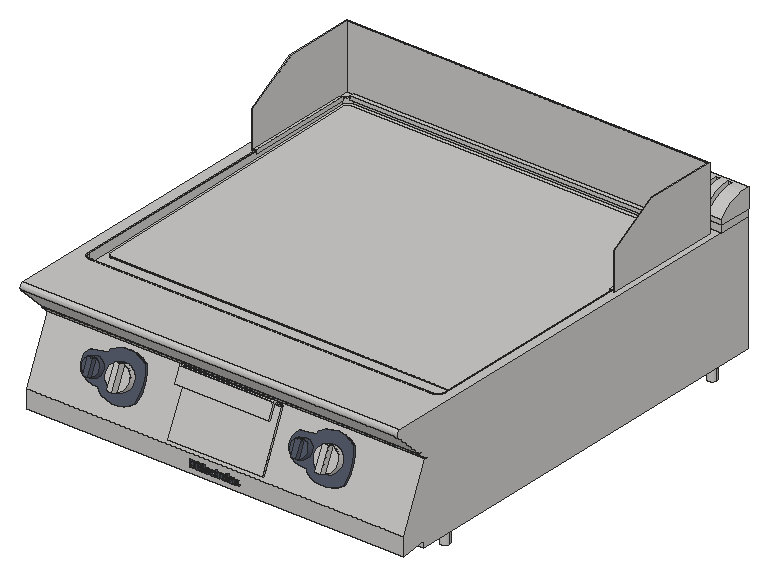
Revit family "QF_ELECTROLUXPROFESSIONAL_391054_E9FTGHCS00", category Specialty Equipment, Revit 2018
Family settings
  Round Connector Dimension = Use Diameter
  Part Type = Normal
  Work Plane-Based = No
  Always vertical = Yes
  Cut with Voids When Loaded = No
  Shared = No
  Room Calculation Point = No
Parameters
  Width = 800 mm
  Weight in Pounds = 105  # constant formula
  Watts = 0 W
  URL Cutsheet = "www.electrolux.com"
  URL = "www.electrolux.com"
  Type Mark [instance] = ""
  Status [instance] = ""
  Specification by User [instance] = ""
  Specification by Manufacturer = ""
  Show Logo [instance] = yes
  Show Clearance [instance] = yes
  Serial Number = ""
  Seismic Rating = ""
  SMACNA No = ""
  Revision Code [instance] = ""
  Omniclass Number and Title = ""
  NAFEM Spec ID Number = ""
  Model = "391054"
  Mechanical Remarks [instance] = ""
  Mechanical Connection Type [instance] = ""
  Masterspec = ""
  Manufacturer = "ELECTROLUX"
  Item Number [instance] = ""
  Installed By [instance] = ""
  Identify Quantity as Lot [instance] = yes
  HP = "0 HP"
  Gas Size = 12.7 mm  # 1/2"
  Gas RI Height [instance] = 0 mm
  Gas KW [instance] = 20  # constant formula
  Gas Input [instance] = 19981.6 VA  # 68180.0 Btu/h
  Gas Connection Height = 0 mm
  Furnished By [instance] = ""
  Foodservice Equipment Identifier [instance] = yes
  Direct Waste Size = 0"
  Description = "900XP FULL MODULE GAS FRY TOP, SMOOTH SLOPED PLATE, CHROMIUM PLATED"
  Depth = 930 mm
  CSI MasterFormat = ""
  CSI Master Format = ""
Reference planes
  plane 1 "BACK": y = 0
  plane 2: z = 0
  plane 3 "LEFT": x = 0
  plane 4 "RIGHT": x = 800
  plane 5 "FRONT": y = -930
  plane 6 "TOP": z = 275
  plane 7 "Center Y": x = 400
  plane 8 "Center X": y = -465
  plane 9: y = -1045
  plane 10: z = 24
  plane 11: z = 290
  plane 12: x = 748
  plane 13: z = 410
  plane 14: x = 11
  plane 15: x = 788.888
Forms (mm)
  Extrusion 1, solid, material "QF_Finishes_Stainless Steel"
    sketch origin (0, 0, 0) x (0, 1, 0) y (0, 0, 1)
      loop
        line (0, 275) -> (-922.686, 275)
        arc (-922.686, 275) -> (-929.443, 270.485) -> (-927.858, 262.514) r 7.314
        line (-927.858, 262.514) -> (-873.907, 208.563) -> (-865.773, 208.563) -> (-865.773, 206.447) -> (-871.79, 206.447) -> (-858.907, 193.563) -> (-850.773, 193.563) -> (-850.773, 191.447) -> (-856.79, 191.447) -> (-913.146, 69.003) -> (-913.146, 30.903) -> (-859.774, 36.513) -> (-859.774, 24) -> (0, 24) -> (0, 275)
    from 0 to 800
  Extrusion 2, solid, material "QF_Finishes_Stainless Steel"
    sketch origin (0, 0, 0) x (1, 0, 0) y (0, 1, 0)
      loop
        circle (11, -82) r 9.525
      loop
        circle (11, -790) r 9.525
      loop
        circle (789, -82) r 9.525
      loop
        circle (789, -790) r 9.525
    from 0 to 24
  Extrusion 3, solid, material "QF_Finishes_Stainless Steel"
    sketch origin (0, 0, 0.362) x (0, 1, 0) y (0, 0, 1)
      loop
        line (0, 289.638) -> (0, 331.738)
        arc (0, 331.738) -> (-38.857, 324.552) -> (-69.85, 300.038) r 82.056
        line (-69.85, 300.038) -> (-69.85, 289.638) -> (0, 289.638)
    from 0 to 400.05
  Extrusion 4, void
    sketch origin (0, 0, 275) x (0, -1, 0) y (1, 0, 0)
      loop
        line (6.761, 29.703) -> (63.911, 29.703) -> (63.911, 38.999) -> (6.761, 38.999) -> (6.761, 29.703)
      loop
        line (63.911, 64.487) -> (6.761, 64.487) -> (6.761, 55.191) -> (63.911, 55.191) -> (63.911, 64.487)
      loop
        line (63.911, 89.975) -> (6.761, 89.975) -> (6.761, 80.68) -> (63.911, 80.68) -> (63.911, 89.975)
      loop
        line (63.911, 115.464) -> (6.761, 115.464) -> (6.761, 106.168) -> (63.911, 106.168) -> (63.911, 115.464)
      loop
        line (63.911, 140.952) -> (6.761, 140.952) -> (6.761, 131.656) -> (63.911, 131.656) -> (63.911, 140.952)
      loop
        line (63.911, 166.44) -> (6.761, 166.44) -> (6.761, 157.145) -> (63.911, 157.145) -> (63.911, 166.44)
      loop
        line (63.911, 191.929) -> (6.761, 191.929) -> (6.761, 182.633) -> (63.911, 182.633) -> (63.911, 191.929)
      loop
        line (63.911, 217.417) -> (6.761, 217.417) -> (6.761, 208.121) -> (63.911, 208.121) -> (63.911, 217.417)
      loop
        line (63.911, 242.905) -> (6.761, 242.905) -> (6.761, 233.61) -> (63.911, 233.61) -> (63.911, 242.905)
      loop
        line (63.911, 268.394) -> (6.761, 268.394) -> (6.761, 259.098) -> (63.911, 259.098) -> (63.911, 268.394)
      loop
        line (63.911, 293.882) -> (6.761, 293.882) -> (6.761, 284.586) -> (63.911, 284.586) -> (63.911, 293.882)
      loop
        line (63.911, 319.37) -> (6.761, 319.37) -> (6.761, 310.075) -> (63.911, 310.075) -> (63.911, 319.37)
      loop
        line (63.911, 344.859) -> (6.761, 344.859) -> (6.761, 335.563) -> (63.911, 335.563) -> (63.911, 344.859)
      loop
        line (63.911, 370.347) -> (6.761, 370.347) -> (6.761, 361.051) -> (63.911, 361.051) -> (63.911, 370.347)
    from 25.4 to 63.5
  Extrusion 5, solid, material "QF_Finishes_Stainless Steel"
    sketch origin (400.05, 0, 0.362) x (0, 1, 0) y (0, 0, 1)
      loop
        line (0, 289.638) -> (0, 331.738)
        arc (0, 331.738) -> (-38.857, 324.552) -> (-69.85, 300.038) r 82.056
        line (-69.85, 300.038) -> (-69.85, 289.638) -> (0, 289.638)
    from 0 to 400.05
  Extrusion 6, void
    sketch origin (400.05, 0, 275) x (0, -1, 0) y (1, 0, 0)
      loop
        line (6.761, 29.703) -> (63.911, 29.703) -> (63.911, 38.999) -> (6.761, 38.999) -> (6.761, 29.703)
      loop
        line (63.911, 64.487) -> (6.761, 64.487) -> (6.761, 55.191) -> (63.911, 55.191) -> (63.911, 64.487)
      loop
        line (63.911, 89.975) -> (6.761, 89.975) -> (6.761, 80.68) -> (63.911, 80.68) -> (63.911, 89.975)
      loop
        line (63.911, 115.464) -> (6.761, 115.464) -> (6.761, 106.168) -> (63.911, 106.168) -> (63.911, 115.464)
      loop
        line (63.911, 140.952) -> (6.761, 140.952) -> (6.761, 131.656) -> (63.911, 131.656) -> (63.911, 140.952)
      loop
        line (63.911, 166.44) -> (6.761, 166.44) -> (6.761, 157.145) -> (63.911, 157.145) -> (63.911, 166.44)
      loop
        line (63.911, 191.929) -> (6.761, 191.929) -> (6.761, 182.633) -> (63.911, 182.633) -> (63.911, 191.929)
      loop
        line (63.911, 217.417) -> (6.761, 217.417) -> (6.761, 208.121) -> (63.911, 208.121) -> (63.911, 217.417)
      loop
        line (63.911, 242.905) -> (6.761, 242.905) -> (6.761, 233.61) -> (63.911, 233.61) -> (63.911, 242.905)
      loop
        line (63.911, 268.394) -> (6.761, 268.394) -> (6.761, 259.098) -> (63.911, 259.098) -> (63.911, 268.394)
      loop
        line (63.911, 293.882) -> (6.761, 293.882) -> (6.761, 284.586) -> (63.911, 284.586) -> (63.911, 293.882)
      loop
        line (63.911, 319.37) -> (6.761, 319.37) -> (6.761, 310.075) -> (63.911, 310.075) -> (63.911, 319.37)
      loop
        line (63.911, 344.859) -> (6.761, 344.859) -> (6.761, 335.563) -> (63.911, 335.563) -> (63.911, 344.859)
      loop
        line (63.911, 370.347) -> (6.761, 370.347) -> (6.761, 361.051) -> (63.911, 361.051) -> (63.911, 370.347)
    from 25.4 to 63.5
  Extrusion 7, solid, material "QF_Finishes_Stainless Steel"
    sketch origin (0, 0, 275) x (0, -1, 0) y (1, 0, 0)
      loop
        line (69.85, 0) -> (69.85, 800) -> (0, 800) -> (0, 0) -> (69.85, 0)
    from 0 to 15
  Extrusion 8, solid, material "QF_Finishes_Stainless Steel"
    sketch origin (400.05, -23.977, 1219.2) x (0, 1, 0) y (0, 0, 1)
      loop
        line (-834.228, -1030.828) -> (-850.635, -1014.422)
        arc (-850.635, -1014.422) -> (-855.102, -1013.019) -> (-858.806, -1015.884) r 5.058
        line (-858.806, -1015.884) -> (-871.468, -1043.394) -> (-868.584, -1044.721) -> (-855.922, -1017.211)
        arc (-855.922, -1017.211) -> (-854.543, -1016.145) -> (-852.88, -1016.667) r 1.883
        line (-852.88, -1016.667) -> (-838.037, -1031.51) -> (-888.871, -1141.955) -> (-885.987, -1143.282) -> (-834.228, -1030.828)
    from 100 to -100
  Extrusion 9, solid, material "QF_Door-Drawer Clearances", visible <- "Show Clearance", detail levels coarse
    sketch origin (293.7, -300.974, 0) x (0, 1, 0) y (0, 0, 1)
      loop
        line (-723.739, 174.479) -> (-711.077, 201.989)
        arc (-711.077, 201.989) -> (-709.698, 203.055) -> (-708.035, 202.533) r 1.883
        line (-708.035, 202.533) -> (-693.192, 187.69) -> (-744.026, 77.245) -> (-741.142, 75.918) -> (-608.989, 75.918) -> (-557.231, 188.372) -> (-573.638, 204.778)
        arc (-573.638, 204.778) -> (-574.873, 205.685) -> (-576.323, 206.181) r 5.058
        line (-576.323, 206.181) -> (-710.257, 206.181)
        arc (-710.257, 206.181) -> (-712.461, 205.203) -> (-713.961, 203.316) r 5.058
        line (-713.961, 203.316) -> (-726.623, 175.806) -> (-723.739, 174.479)
    from 6.35 to 206.35
  Extrusion 10, solid, material "QF_Finishes_Stainless Steel"
    sketch origin (0, 0, 0) x (0, 1, 0) y (0, 0, 1)
      loop
        line (-83.39, 410) -> (-235.39, 410) -> (-335.39, 352.265) -> (-335.39, 275) -> (-83.39, 275) -> (-83.39, 410)
    from 15.442 to 17.03
  Extrusion 11, solid, material "QF_Finishes_Stainless Steel"
    sketch origin (800, 0, 0) x (0, -1, 0) y (0, 0, 1)
      loop
        line (83.39, 410) -> (83.39, 275) -> (335.39, 275) -> (335.39, 352.265) -> (235.39, 410) -> (83.39, 410)
    from 15.442 to 17.03
  Extrusion 12, solid, material "QF_Finishes_Stainless Steel"
    sketch origin (635, 190.152, 275) x (0, -1, 0) y (1, 0, 0)
      loop
        line (273.542, 147.97) -> (273.542, -617.97) -> (275.13, -617.97) -> (275.13, 147.97) -> (273.542, 147.97)
    from 0 to 135
  Extrusion 13, void
    sketch origin (0, 0, 275) x (0, -1, 0) y (1, 0, 0)
      loop
        arc (92.539, 37.03) -> (96.932, 26.423) -> (107.539, 22.03) r 15
        line (107.539, 22.03) -> (777.539, 22.03)
        arc (777.539, 22.03) -> (788.145, 26.423) -> (792.539, 37.03) r 15
        line (792.539, 37.03) -> (792.539, 762.97)
        arc (792.539, 762.97) -> (788.145, 773.577) -> (777.539, 777.97) r 15
        line (777.539, 777.97) -> (107.539, 777.97)
        arc (107.539, 777.97) -> (96.932, 773.577) -> (92.539, 762.97) r 15
        line (92.539, 762.97) -> (92.539, 37.03)
    from 0 to -21.588
  Sweep 14, solid, material "QF_Finishes_Stainless Steel"
    path origin (0, 0, 0) x (1, 0, 0) y (0, 1, 0)
      loop
        line (22.03, -107.539) -> (22.03, -777.539)
        arc (22.03, -777.539) -> (26.423, -788.145) -> (37.03, -792.539) r 15
        line (37.03, -792.539) -> (762.97, -792.539)
        arc (762.97, -792.539) -> (773.577, -788.145) -> (777.97, -777.539) r 15
        line (777.97, -777.539) -> (777.97, -107.539)
        arc (777.97, -107.539) -> (773.577, -96.932) -> (762.97, -92.539) r 15
        line (762.97, -92.539) -> (37.03, -92.539)
        arc (37.03, -92.539) -> (26.423, -96.932) -> (22.03, -107.539) r 15
    profile origin (22.03, -442.539, 0) x (1, 0, 0) y (0, 0, 1)
      loop
        line (0, 255) -> (1.588, 255) -> (1.588, 272.855)
        arc (1.588, 272.855) -> (1.147, 274.189) -> (0, 275) r 2.242
        line (0, 275) -> (0, 255)
  Extrusion 15, solid, material "QF_Finishes_Stainless Steel"
    sketch origin (1234.536, -1877.601, 240.53) x (0, 0.999911, 0.013315) y (-1, 0, 0)
      loop
        line (1137.444, 1192.506) -> (1137.444, 476.566)
        spline (1137.444, 476.566) -> (1137.529, 475.26) -> (1137.784, 473.977) -> (1138.205, 472.739) -> (1138.783, 471.566) -> (1139.51, 470.478) -> (1140.372, 469.494) -> (1141.356, 468.632) -> (1142.443, 467.905) -> (1143.616, 467.327) -> (1144.855, 466.906) -> (1146.138, 466.651) -> (1147.443, 466.566)
        line (1147.443, 466.566) -> (1761.703, 466.566)
        spline (1761.703, 466.566) -> (1763.009, 466.651) -> (1764.291, 466.906) -> (1765.53, 467.327) -> (1766.703, 467.905) -> (1767.79, 468.632) -> (1768.774, 469.494) -> (1769.636, 470.478) -> (1770.363, 471.566) -> (1770.941, 472.739) -> (1771.362, 473.977) -> (1771.617, 475.26) -> (1771.702, 476.566)
        line (1771.702, 476.566) -> (1771.702, 1192.506)
        spline (1771.702, 1192.506) -> (1771.617, 1193.812) -> (1771.362, 1195.095) -> (1770.941, 1196.333) -> (1770.363, 1197.506) -> (1769.636, 1198.594) -> (1768.774, 1199.578) -> (1767.79, 1200.44) -> (1766.703, 1201.167) -> (1765.53, 1201.745) -> (1764.291, 1202.166) -> (1763.009, 1202.421) -> (1761.703, 1202.506)
        line (1761.703, 1202.506) -> (1147.443, 1202.506)
        spline (1147.443, 1202.506) -> (1146.138, 1202.421) -> (1144.855, 1202.166) -> (1143.616, 1201.745) -> (1142.443, 1201.167) -> (1141.356, 1200.44) -> (1140.372, 1199.578) -> (1139.51, 1198.594) -> (1138.783, 1197.506) -> (1138.205, 1196.333) -> (1137.784, 1195.095) -> (1137.529, 1193.812) -> (1137.444, 1192.506)
    from 1.6 to 0
  Extrusion 16, solid, material "QF_Finishes_Stainless Steel"
    sketch origin (0, 0, 0) x (1, 0, 0) y (0, 0, 1)
      loop
        line (17.03, 275.856) -> (23.926, 275.856) -> (23.926, 270.856) -> (25.514, 270.856) -> (25.514, 277.444) -> (17.03, 277.444) -> (17.03, 275.856)
      loop
        line (782.97, 275.856) -> (782.97, 277.444) -> (774.486, 277.444) -> (774.486, 270.856) -> (776.074, 270.856) -> (776.074, 275.856) -> (782.97, 275.856)
    from 105.541 to 335.39
  Extrusion 17, solid, material "QF_Finishes_Stainless Steel"
    sketch origin (0, 0, 0) x (0, 1, 0) y (0, 0, 1)
      loop
        line (-94.126, 270.856) -> (-94.126, 275.856) -> (-84.978, 275.856) -> (-84.978, 277.444) -> (-95.714, 277.444) -> (-95.714, 270.856) -> (-94.126, 270.856)
    from 32.03 to 767.97
  Extrusion 18, solid, material "QF_Finishes_Stainless Steel"
    sketch origin (0, -101.6, 24) x (-1, 0, 0) y (0, 1, 0)
      loop
        circle (-748, -562.4) r 6.35
    from 0 to 17
  Extrusion 19, solid, material "QF_Finishes_Navy Blue", visible <- "Show Logo"
    sketch origin (0, -913.146, 30.903) x (0, 0, 1) y (-1, 0, 0)
      loop
        line (25.436, -355.199) -> (13.07, -355.199)
        arc (13.07, -355.199) -> (19.253, -359.77) -> (25.436, -355.199) r 6.467
      loop
        arc (25.436, -354.57) -> (24.267, -349.427) -> (19.612, -346.949) r 6.338
        line (19.612, -346.949) -> (19.612, -348.995)
        arc (19.612, -348.995) -> (21.095, -352.65) -> (24.541, -354.57) r 5.941
        line (24.541, -354.57) -> (25.436, -354.57)
      loop
        arc (13.965, -354.57) -> (17.411, -352.65) -> (18.895, -348.995) r 5.941
        line (18.895, -348.995) -> (18.895, -346.949)
        arc (18.895, -346.949) -> (14.2, -349.423) -> (12.911, -354.57) r 6.504
        line (12.911, -354.57) -> (13.965, -354.57)
      loop
        line (26.111, -346.48) -> (12.367, -346.48) -> (12.367, -360.243) -> (26.111, -360.243) -> (26.111, -346.48)
      loop
        arc (26.195, -363.21) -> (25.847, -362.853) -> (25.48, -363.191) r 0.358
        arc (25.48, -363.191) -> (25.166, -363.941) -> (24.449, -364.326) r 1.216
        line (24.449, -364.326) -> (14.037, -364.326)
        arc (14.037, -364.326) -> (13.377, -364.048) -> (12.981, -363.452) r 1.238
        arc (12.981, -363.452) -> (12.586, -363.201) -> (12.28, -363.555) r 0.358
        line (12.28, -363.555) -> (12.28, -373.434) -> (15.031, -373.434) -> (15.031, -372.537)
        arc (15.031, -372.537) -> (14.122, -371.957) -> (13.667, -370.98) r 1.928
        line (13.667, -370.98) -> (13.667, -368.481)
        arc (13.667, -368.481) -> (13.942, -367.752) -> (14.631, -367.388) r 1.101
        line (14.631, -367.388) -> (18.717, -367.388) -> (18.717, -371.061)
        arc (18.717, -371.061) -> (18.365, -371.558) -> (17.799, -371.786) r 1.083
        arc (17.799, -371.786) -> (17.536, -372.092) -> (17.828, -372.37) r 0.292
        line (17.828, -372.37) -> (20.79, -372.37)
        arc (20.79, -372.37) -> (21.093, -372.097) -> (20.854, -371.767) r 0.305
        arc (20.854, -371.767) -> (20.364, -371.519) -> (20.059, -371.061) r 1.083
        line (20.059, -371.061) -> (20.059, -367.388) -> (24.736, -367.388) -> (24.736, -371.135)
        arc (24.736, -371.135) -> (24.522, -371.891) -> (23.915, -372.389) r 1.314
        arc (23.915, -372.389) -> (23.696, -372.793) -> (24.051, -373.085) r 0.361
        line (24.051, -373.085) -> (26.195, -373.085) -> (26.195, -363.21)
      loop
        arc (25.478, -373.866) -> (25.097, -374.785) -> (24.179, -375.165) r 1.299
        line (24.179, -375.165) -> (14.6, -375.165)
        arc (14.6, -375.165) -> (13.762, -374.787) -> (13.49, -373.909) r 1.118
        line (13.49, -373.909) -> (12.28, -373.909) -> (12.28, -379.259) -> (13.469, -379.259)
        arc (13.469, -379.259) -> (13.74, -378.342) -> (14.61, -377.946) r 1.153
        line (14.61, -377.946) -> (26.683, -377.946) -> (25.478, -373.866)
      loop
        line (17.245, -381.895) -> (17.245, -388.342) -> (18.044, -388.342)
        arc (18.044, -388.342) -> (20.625, -387.358) -> (21.893, -384.904) r 3.874
        line (21.893, -384.904) -> (21.893, -383.144)
        arc (21.893, -383.144) -> (20.707, -380.279) -> (17.842, -379.093) r 4.051
        line (17.842, -379.093) -> (15.834, -379.093)
        arc (15.834, -379.093) -> (13.016, -380.578) -> (11.964, -383.585) r 4.352
        arc (11.964, -383.585) -> (12.328, -386.048) -> (13.706, -388.122) r 5.713
        line (13.706, -388.122) -> (14.655, -388.122)
        arc (14.655, -388.122) -> (13.922, -386.553) -> (13.706, -384.835) r 5.579
        arc (13.706, -384.835) -> (14.5, -382.872) -> (16.379, -381.895) r 3.057
        line (16.379, -381.895) -> (17.245, -381.895)
      loop
        line (18.504, -381.895) -> (18.504, -385.477)
        arc (18.504, -385.477) -> (19.961, -385.524) -> (20.844, -384.365) r 1.59
        line (20.844, -384.365) -> (20.844, -383.535)
        arc (20.844, -383.535) -> (19.98, -382.28) -> (18.504, -381.895) r 2.184
      loop
        arc (21.295, -397.76) -> (21.784, -396.086) -> (21.942, -394.349) r 9.023
        line (21.942, -394.349) -> (21.942, -392.987)
        arc (21.942, -392.987) -> (20.782, -390.187) -> (17.983, -389.027) r 3.959
        line (17.983, -389.027) -> (15.382, -389.027)
        arc (15.382, -389.027) -> (13.101, -390.32) -> (11.983, -392.693) r 4.331
        line (11.983, -392.693) -> (11.983, -394.828)
        arc (11.983, -394.828) -> (12.492, -396.378) -> (13.413, -397.724) r 5.772
        arc (13.413, -397.724) -> (14.175, -397.775) -> (14.261, -397.016) r 0.553
        arc (14.261, -397.016) -> (13.874, -396.282) -> (13.74, -395.463) r 2.573
        line (13.74, -395.463) -> (13.74, -393.948)
        arc (13.74, -393.948) -> (14.746, -392.306) -> (16.56, -391.664) r 2.884
        line (16.56, -391.664) -> (17.839, -391.664)
        arc (17.839, -391.664) -> (19.66, -392.224) -> (20.587, -393.889) r 2.554
        line (20.587, -393.889) -> (20.587, -394.942)
        arc (20.587, -394.942) -> (20.255, -395.87) -> (19.598, -396.605) r 2.564
        arc (19.598, -396.605) -> (19.377, -397.322) -> (19.986, -397.76) r 0.643
        line (19.986, -397.76) -> (21.295, -397.76)
      loop
        line (20.277, -398.03) -> (20.277, -399.531) -> (14.229, -399.531)
        arc (14.229, -399.531) -> (12.641, -400.189) -> (11.983, -401.777) r 2.246
        line (11.983, -401.777) -> (11.983, -403.361)
        arc (11.983, -403.361) -> (12.297, -404.225) -> (12.798, -404.997) r 4.06
        arc (12.798, -404.997) -> (13.53, -405.13) -> (13.782, -404.429) r 0.576
        arc (13.782, -404.429) -> (13.676, -403.903) -> (13.74, -403.371) r 1.69
        arc (13.74, -403.371) -> (14.281, -402.583) -> (15.188, -402.28) r 1.506
        line (15.188, -402.28) -> (20.326, -402.28) -> (20.326, -404.677) -> (20.882, -405.233) -> (21.704, -405.233) -> (21.704, -402.374) -> (24.935, -402.374) -> (20.277, -398.03)
      loop
        line (12.201, -406.131) -> (12.201, -411.518) -> (13.311, -411.518)
        arc (13.311, -411.518) -> (13.705, -410.567) -> (14.656, -410.173) r 1.345
        line (14.656, -410.173) -> (18.272, -410.173)
        arc (18.272, -410.173) -> (19.037, -410.765) -> (19.326, -411.687) r 1.615
        line (19.326, -411.687) -> (19.326, -413.243) -> (21.882, -413.928) -> (21.882, -412.545) -> (19.939, -409.986) -> (21.82, -409.986) -> (21.535, -407.28)
        arc (21.535, -407.28) -> (21.096, -406.75) -> (20.437, -406.951) r 0.621
        arc (20.437, -406.951) -> (20.036, -407.293) -> (19.542, -407.476) r 1.501
        line (19.542, -407.476) -> (14.656, -407.476)
        arc (14.656, -407.476) -> (13.705, -407.082) -> (13.311, -406.131) r 1.345
        line (13.311, -406.131) -> (12.201, -406.131)
      loop
        line (18.303, -413.465) -> (15.61, -413.465)
        arc (15.61, -413.465) -> (13.165, -414.773) -> (12.031, -417.303) r 4.288
        arc (12.031, -417.303) -> (11.968, -418.684) -> (12.031, -420.064) r 15.022
        arc (12.031, -420.064) -> (13.165, -422.595) -> (15.61, -423.902) r 4.288
        line (15.61, -423.902) -> (18.303, -423.902)
        arc (18.303, -423.902) -> (20.748, -422.595) -> (21.882, -420.064) r 4.288
        arc (21.882, -420.064) -> (21.946, -418.684) -> (21.882, -417.303) r 15.022
        arc (21.882, -417.303) -> (20.748, -414.773) -> (18.303, -413.465) r 4.288
      loop
        line (18.507, -416.579) -> (15.406, -416.579)
        arc (15.406, -416.579) -> (13.249, -418.736) -> (15.406, -420.893) r 2.157
        line (15.406, -420.893) -> (18.507, -420.893)
        arc (18.507, -420.893) -> (20.664, -418.736) -> (18.507, -416.579) r 2.157
      loop
        arc (25.488, -423.76) -> (25.118, -424.654) -> (24.224, -425.025) r 1.264
        line (24.224, -425.025) -> (14.359, -425.025)
        arc (14.359, -425.025) -> (13.489, -424.628) -> (13.218, -423.712) r 1.153
        line (13.218, -423.712) -> (12.28, -423.712) -> (12.28, -428.82) -> (13.209, -428.82)
        arc (13.209, -428.82) -> (13.568, -428.048) -> (14.359, -427.733) r 1.153
        line (14.359, -427.733) -> (26.683, -427.733) -> (25.488, -423.76)
      loop
        arc (20.608, -428.357) -> (20.409, -429.422) -> (19.44, -429.904) r 1.215
        line (19.44, -429.904) -> (14.42, -429.904)
        arc (14.42, -429.904) -> (12.806, -430.551) -> (12.085, -432.134) r 2.338
        line (12.085, -432.134) -> (12.085, -433.649)
        arc (12.085, -433.649) -> (12.259, -434.653) -> (12.762, -435.539) r 2.979
        line (12.762, -435.539) -> (12.28, -437.336) -> (12.28, -439.024) -> (21.706, -439.024) -> (21.412, -434.821) -> (20.625, -434.821)
        arc (20.625, -434.821) -> (20.27, -435.657) -> (19.517, -436.166) r 1.605
        line (19.517, -436.166) -> (14.415, -436.166)
        arc (14.415, -436.166) -> (13.994, -435.229) -> (13.922, -434.205) r 2.94
        arc (13.922, -434.205) -> (14.482, -433.104) -> (15.636, -432.661) r 1.724
        line (15.636, -432.661) -> (21.832, -432.661) -> (20.608, -428.357)
      loop
        line (21.637, -439.878) -> (19.964, -441.924) -> (16.791, -444.23) -> (13.334, -441.118)
        arc (13.334, -441.118) -> (13.097, -440.724) -> (13.119, -440.265) r 0.789
        line (13.119, -440.265) -> (12.28, -440.265) -> (12.28, -443.81) -> (13.107, -443.81)
        arc (13.107, -443.81) -> (13.449, -443.448) -> (13.939, -443.54) r 0.52
        line (13.939, -443.54) -> (15.739, -445.011) -> (13.62, -446.386)
        arc (13.62, -446.386) -> (13.219, -446.076) -> (13.133, -445.577) r 0.7
        line (13.133, -445.577) -> (12.28, -445.577) -> (12.28, -451.504) -> (13.167, -451.504)
        arc (13.167, -451.504) -> (13.234, -450.845) -> (13.629, -450.314) r 1.247
        line (13.629, -450.314) -> (17.828, -447.033) -> (20.276, -449.086) -> (21.637, -450.828) -> (21.637, -447.104) -> (20.152, -447.527) -> (18.63, -446.25) -> (20.33, -445.06) -> (21.637, -445.836) -> (21.637, -439.878)
    from 0 to 1.644
  Extrusion 20, solid, material "QF_Finishes_Navy Blue"
    sketch origin (81.285, -908.962, 78.095) x (0, 0.418102, 0.9084) y (-1, 0, 0)
      loop
        arc (104.355, -502.587) -> (101.326, -501.258) -> (98.25, -500.039) r 91.066
        arc (98.25, -500.039) -> (96.592, -482.449) -> (93.213, -465.107) r 179.528
        arc (93.213, -465.107) -> (69.244, -452.795) -> (45.274, -465.107) r 29.489
        arc (45.274, -465.107) -> (38.909, -481.441) -> (37.449, -498.912) r 61.044
        arc (37.449, -498.912) -> (34.471, -499.962) -> (31.532, -501.116) r 91.066
        arc (31.532, -501.116) -> (19.517, -540.223) -> (32.929, -578.873) r 65.817
        arc (32.929, -578.873) -> (68.105, -585.173) -> (102.996, -577.452) r 91.066
        arc (102.996, -577.452) -> (115.418, -540.233) -> (104.355, -502.587) r 65.546
    from 0 to 3.175
  Extrusion 21, solid, material "QF_Finishes_Stainless Steel"
    sketch origin (460.035, -912.675, 77.62) x (0, 0.418102, 0.9084) y (-1, 0, 0)
      loop
        circle (68.826, -160.963) r 25.4
    from 0 to 12.7
  Extrusion 22, solid, material "QF_Finishes_Stainless Steel"
    sketch origin (460.035, -924.212, 82.93) x (0, 0.418102, 0.9084) y (-1, 0, 0)
      loop
        arc (93.558, -166.749) -> (94.226, -160.963) -> (93.558, -155.177) r 25.4
        line (93.558, -155.177) -> (44.094, -155.177)
        arc (44.094, -155.177) -> (43.426, -160.963) -> (44.094, -166.749) r 25.4
        line (44.094, -166.749) -> (93.558, -166.749)
    from 0 to 12.7
  Extrusion 23, solid, material "QF_Finishes_Navy Blue"
    sketch origin (402.535, -912.675, 77.62) x (0, 0.418102, 0.9084) y (-1, 0, 0)
      loop
        circle (68.826, -160.963) r 18.37
    from 0 to 12.7
  Extrusion 24, solid, material "QF_Finishes_Navy Blue"
    sketch origin (401.244, -924.212, 82.93) x (0, 0.418102, 0.9084) y (-1, 0, 0)
      loop
        arc (84.808, -167.687) -> (85.476, -161.901) -> (84.808, -156.114) r 25.4
        line (84.808, -156.114) -> (52.844, -156.114)
        arc (52.844, -156.114) -> (52.176, -161.901) -> (52.844, -167.687) r 25.4
        line (52.844, -167.687) -> (84.808, -167.687)
    from 0 to 8.112
  Extrusion 25, solid, material "QF_Finishes_Navy Blue"
    sketch origin (-360.711, -908.962, 78.095) x (0, 0.418102, 0.9084) y (-1, 0, 0)
      loop
        arc (104.355, -502.587) -> (101.326, -501.258) -> (98.25, -500.039) r 91.066
        arc (98.25, -500.039) -> (96.592, -482.449) -> (93.213, -465.107) r 179.528
        arc (93.213, -465.107) -> (69.244, -452.795) -> (45.274, -465.107) r 29.489
        arc (45.274, -465.107) -> (38.909, -481.441) -> (37.449, -498.912) r 61.044
        arc (37.449, -498.912) -> (34.471, -499.962) -> (31.532, -501.116) r 91.066
        arc (31.532, -501.116) -> (19.517, -540.223) -> (32.929, -578.873) r 65.817
        arc (32.929, -578.873) -> (68.105, -585.173) -> (102.996, -577.452) r 91.066
        arc (102.996, -577.452) -> (115.418, -540.233) -> (104.355, -502.587) r 65.546
    from 0 to 3.175
  Extrusion 26, solid, material "QF_Finishes_Stainless Steel"
    sketch origin (18.039, -912.675, 77.62) x (0, 0.418102, 0.9084) y (-1, 0, 0)
      loop
        circle (68.826, -160.963) r 25.4
    from 0 to 12.7
  Extrusion 27, solid, material "QF_Finishes_Stainless Steel"
    sketch origin (18.039, -924.212, 82.93) x (0, 0.418102, 0.9084) y (-1, 0, 0)
      loop
        arc (93.558, -166.749) -> (94.226, -160.963) -> (93.558, -155.177) r 25.4
        line (93.558, -155.177) -> (44.094, -155.177)
        arc (44.094, -155.177) -> (43.426, -160.963) -> (44.094, -166.749) r 25.4
        line (44.094, -166.749) -> (93.558, -166.749)
    from 0 to 12.7
  Extrusion 28, solid, material "QF_Finishes_Navy Blue"
    sketch origin (-39.461, -912.675, 77.62) x (0, 0.418102, 0.9084) y (-1, 0, 0)
      loop
        circle (68.826, -160.963) r 18.37
    from 0 to 12.7
  Extrusion 29, solid, material "QF_Finishes_Navy Blue"
    sketch origin (-40.752, -924.212, 82.93) x (0, 0.418102, 0.9084) y (-1, 0, 0)
      loop
        arc (84.808, -167.687) -> (85.476, -161.901) -> (84.808, -156.114) r 25.4
        line (84.808, -156.114) -> (52.844, -156.114)
        arc (52.844, -156.114) -> (52.176, -161.901) -> (52.844, -167.687) r 25.4
        line (52.844, -167.687) -> (84.808, -167.687)
    from 0 to 8.112
  Extrusion 30, solid, material "QF_Clearances", visible <- "Show Clearance", detail levels coarse
    sketch origin (0, 0, 0) x (1, 0, 0) y (0, 1, 0)
      loop
        line (0, 0) -> (800, 0) -> (800, -930) -> (900, -930) -> (900, 100) -> (-100, 100) -> (-100, -930) -> (0, -930) -> (0, 0)
    from 0 to 410
  Extrusion 31, solid, material "QF_Finishes_Stainless Steel"
    sketch origin (0, 0, 0) x (0, 1, 0) y (0, 0, 1)
      loop
        line (-792.539, 254.979) -> (-792.539, 253.413) -> (-92.539, 253.413) -> (-92.539, 264.3) -> (-792.539, 254.979)
    from 22.03 to 777.97
  Extrusion 32, void
    sketch origin (0, 0, 0) x (1, 0, 0) y (0, 1, 0)
      loop
        arc (388.196, -763.736) -> (380.696, -771.236) -> (388.196, -778.736) r 7.5
        line (388.196, -778.736) -> (411.804, -778.736)
        arc (411.804, -778.736) -> (419.304, -771.236) -> (411.804, -763.736) r 7.5
        line (411.804, -763.736) -> (388.196, -763.736)
    from 235.859 to 255.827
Cuts and joins
  Extrusion 6 cuts Extrusion 5
  Extrusion 4 cuts Extrusion 3
  joined: Extrusion 10, Extrusion 11, Extrusion 12
  Extrusion 13, Extrusion 32 cuts Extrusion 1
  Extrusion 32 cuts Extrusion 31
Lines and regions (mm)
  symbolic lines, style "QF_Clearances", visible <- "Show Clearance", detail levels coarse
    curve 1: line (900, -930, 0) -> (900, 100, 0)
    curve 2: line (900, 100, 0) -> (-100, 100, 0)
    curve 3: line (-100, 100, 0) -> (-100, -930, 0)
  symbolic lines, style "QF_Door-Drawer Clearances"
    curve 4: line (300.05, -930, 0) -> (300.05, -1045, 0)
    curve 5: line (300.05, -1045, 0) -> (500.05, -1045, 0)
    curve 6: line (500.05, -930, 0) -> (500.05, -1045, 0)
  symbolic lines
    curve 7: line (0, -930, 0) -> (800, -930, 0)
    curve 8: line (800, -930, 0) -> (800, 0, 0)
    curve 9: line (800, 0, 0) -> (0, 0, 0)
    curve 10: line (0, 0, 0) -> (0, -930, 0)
    curve 11: line (762.97, -792.539, 0) -> (37.03, -792.539, 0)
    curve 12: arc (37.03, -792.539, 0) -> (26.423, -788.145, 0) -> (22.03, -777.539, 0) r 15
    curve 13: line (22.03, -777.539, 0) -> (22.03, -335.39, 0)
    curve 14: arc (22.163, -105.541, 0) -> (25.387, -98.081, 0) -> (32.03, -93.397, 0) r 15
    curve 15: arc (767.97, -93.397, 0) -> (774.613, -98.081, 0) -> (777.837, -105.541, 0) r 15
    curve 16: line (777.97, -335.39, 0) -> (777.97, -777.539, 0)
    curve 17: arc (777.97, -777.539, 0) -> (773.577, -788.145, 0) -> (762.97, -792.539, 0) r 15
    curve 18: line (757.97, -738.692, 0) -> (42.03, -738.692, 0)
    curve 19: arc (42.03, -738.692, 0) -> (34.958, -735.763, 0) -> (32.03, -728.692, 0) r 10
    curve 20: line (32.03, -728.692, 0) -> (32.03, -116.077, 0)
    curve 21: arc (32.03, -116.077, 0) -> (34.958, -109.006, 0) -> (42.03, -106.077, 0) r 10
    curve 22: line (42.03, -106.077, 0) -> (757.97, -106.077, 0)
    curve 23: arc (757.97, -106.077, 0) -> (765.042, -109.006, 0) -> (767.97, -116.077, 0) r 10
    curve 24: line (767.97, -116.077, 0) -> (767.97, -728.692, 0)
    curve 25: arc (767.97, -728.692, 0) -> (765.042, -735.763, 0) -> (757.97, -738.692, 0) r 10
    curve 26: line (15.442, -83.39, 0) -> (15.442, -335.39, 0)
    curve 27: line (784.558, -83.39, 0) -> (15.442, -83.39, 0)
    curve 28: line (784.558, -335.39, 0) -> (784.558, -83.39, 0)
    curve 29: line (767.97, -95.714, 0) -> (767.97, -83.39, 0)
    curve 30: line (32.03, -95.714, 0) -> (767.97, -95.714, 0)
    curve 31: line (32.03, -83.39, 0) -> (32.03, -95.714, 0)
    curve 32: line (784.558, -105.541, 0) -> (774.486, -105.541, 0)
    curve 33: line (25.514, -335.39, 0) -> (25.514, -105.541, 0)
    curve 34: line (15.442, -335.39, 0) -> (25.514, -335.39, 0)
    curve 35: line (774.486, -105.541, 0) -> (774.486, -335.39, 0)
    curve 36: line (774.486, -335.39, 0) -> (784.558, -335.39, 0)
    curve 37: line (25.514, -105.541, 0) -> (15.442, -105.541, 0)
    curve 38: line (38.999, -6.761, 0) -> (38.999, -63.911, 0)
    curve 39: line (38.999, -63.911, 0) -> (29.703, -63.911, 0)
    curve 40: line (29.703, -63.911, 0) -> (29.703, -6.761, 0)
    curve 41: line (29.703, -6.761, 0) -> (38.999, -6.761, 0)
    curve 42: line (55.191, -63.911, 0) -> (55.191, -6.761, 0)
    curve 43: line (55.191, -6.761, 0) -> (64.487, -6.761, 0)
    curve 44: line (64.487, -6.761, 0) -> (64.487, -63.911, 0)
    curve 45: line (64.487, -63.911, 0) -> (55.191, -63.911, 0)
    curve 46: line (89.975, -6.761, 0) -> (89.975, -63.911, 0)
    curve 47: line (89.975, -63.911, 0) -> (80.68, -63.911, 0)
    curve 48: line (80.68, -63.911, 0) -> (80.68, -6.761, 0)
    curve 49: line (80.68, -6.761, 0) -> (89.975, -6.761, 0)
    curve 50: line (115.464, -6.761, 0) -> (115.464, -63.911, 0)
    curve 51: line (115.464, -63.911, 0) -> (106.168, -63.911, 0)
    curve 52: line (106.168, -63.911, 0) -> (106.168, -6.761, 0)
    curve 53: line (106.168, -6.761, 0) -> (115.464, -6.761, 0)
    curve 54: line (140.952, -6.761, 0) -> (140.952, -63.911, 0)
    curve 55: line (140.952, -63.911, 0) -> (131.656, -63.911, 0)
    curve 56: line (131.656, -63.911, 0) -> (131.656, -6.761, 0)
    curve 57: line (131.656, -6.761, 0) -> (140.952, -6.761, 0)
    curve 58: line (166.44, -6.761, 0) -> (166.44, -63.911, 0)
    curve 59: line (166.44, -63.911, 0) -> (157.145, -63.911, 0)
    curve 60: line (157.145, -63.911, 0) -> (157.145, -6.761, 0)
    curve 61: line (157.145, -6.761, 0) -> (166.44, -6.761, 0)
    curve 62: line (191.929, -6.761, 0) -> (191.929, -63.911, 0)
    curve 63: line (191.929, -63.911, 0) -> (182.633, -63.911, 0)
    curve 64: line (182.633, -63.911, 0) -> (182.633, -6.761, 0)
    curve 65: line (182.633, -6.761, 0) -> (191.929, -6.761, 0)
    curve 66: line (233.61, -63.911, 0) -> (233.61, -6.761, 0)
    curve 67: line (233.61, -6.761, 0) -> (242.905, -6.761, 0)
    curve 68: line (242.905, -6.761, 0) -> (242.905, -63.911, 0)
    curve 69: line (242.905, -63.911, 0) -> (233.61, -63.911, 0)
    curve 70: line (268.394, -6.761, 0) -> (268.394, -63.911, 0)
    curve 71: line (268.394, -63.911, 0) -> (259.098, -63.911, 0)
    curve 72: line (259.098, -63.911, 0) -> (259.098, -6.761, 0)
    curve 73: line (259.098, -6.761, 0) -> (268.394, -6.761, 0)
    curve 74: line (293.882, -6.761, 0) -> (293.882, -63.911, 0)
    curve 75: line (293.882, -63.911, 0) -> (284.586, -63.911, 0)
    curve 76: line (284.586, -63.911, 0) -> (284.586, -6.761, 0)
    curve 77: line (284.586, -6.761, 0) -> (293.882, -6.761, 0)
    curve 78: line (319.37, -6.761, 0) -> (319.37, -63.911, 0)
    curve 79: line (319.37, -63.911, 0) -> (310.075, -63.911, 0)
    curve 80: line (310.075, -63.911, 0) -> (310.075, -6.761, 0)
    curve 81: line (310.075, -6.761, 0) -> (319.37, -6.761, 0)
    curve 82: line (344.859, -6.761, 0) -> (344.859, -63.911, 0)
    curve 83: line (344.859, -63.911, 0) -> (335.563, -63.911, 0)
    curve 84: line (335.563, -63.911, 0) -> (335.563, -6.761, 0)
    curve 85: line (335.563, -6.761, 0) -> (344.859, -6.761, 0)
    curve 86: line (370.347, -6.761, 0) -> (370.347, -63.911, 0)
    curve 87: line (370.347, -63.911, 0) -> (361.051, -63.911, 0)
    curve 88: line (361.051, -63.911, 0) -> (361.051, -6.761, 0)
    curve 89: line (361.051, -6.761, 0) -> (370.347, -6.761, 0)
    curve 90: line (208.121, -63.911, 0) -> (208.121, -6.761, 0)
    curve 91: line (208.121, -6.761, 0) -> (217.417, -6.761, 0)
    curve 92: line (217.417, -6.761, 0) -> (217.417, -63.911, 0)
    curve 93: line (217.417, -63.911, 0) -> (208.121, -63.911, 0)
    curve 94: line (233.61, -63.911, 0) -> (233.61, -6.761, 0)
    curve 95: line (761.001, -6.761, 0) -> (761.001, -63.911, 0)
    curve 96: line (761.001, -63.911, 0) -> (770.297, -63.911, 0)
    curve 97: line (770.297, -63.911, 0) -> (770.297, -6.761, 0)
    curve 98: line (770.297, -6.761, 0) -> (761.001, -6.761, 0)
    curve 99: line (744.809, -63.911, 0) -> (744.809, -6.761, 0)
    curve 100: line (744.809, -6.761, 0) -> (735.513, -6.761, 0)
    curve 101: line (735.513, -6.761, 0) -> (735.513, -63.911, 0)
    curve 102: line (735.513, -63.911, 0) -> (744.809, -63.911, 0)
    curve 103: line (710.025, -6.761, 0) -> (710.025, -63.911, 0)
    curve 104: line (710.025, -63.911, 0) -> (719.32, -63.911, 0)
    curve 105: line (719.32, -63.911, 0) -> (719.32, -6.761, 0)
    curve 106: line (719.32, -6.761, 0) -> (710.025, -6.761, 0)
    curve 107: line (684.536, -6.761, 0) -> (684.536, -63.911, 0)
    curve 108: line (684.536, -63.911, 0) -> (693.832, -63.911, 0)
    curve 109: line (693.832, -63.911, 0) -> (693.832, -6.761, 0)
    curve 110: line (693.832, -6.761, 0) -> (684.536, -6.761, 0)
    curve 111: line (659.048, -6.761, 0) -> (659.048, -63.911, 0)
    curve 112: line (659.048, -63.911, 0) -> (668.344, -63.911, 0)
    curve 113: line (668.344, -63.911, 0) -> (668.344, -6.761, 0)
    curve 114: line (668.344, -6.761, 0) -> (659.048, -6.761, 0)
    curve 115: line (633.56, -6.761, 0) -> (633.56, -63.911, 0)
    curve 116: line (633.56, -63.911, 0) -> (642.855, -63.911, 0)
    curve 117: line (642.855, -63.911, 0) -> (642.855, -6.761, 0)
    curve 118: line (642.855, -6.761, 0) -> (633.56, -6.761, 0)
    curve 119: line (608.071, -6.761, 0) -> (608.071, -63.911, 0)
    curve 120: line (608.071, -63.911, 0) -> (617.367, -63.911, 0)
    curve 121: line (617.367, -63.911, 0) -> (617.367, -6.761, 0)
    curve 122: line (617.367, -6.761, 0) -> (608.071, -6.761, 0)
    curve 123: line (566.39, -63.911, 0) -> (566.39, -6.761, 0)
    curve 124: line (566.39, -6.761, 0) -> (557.095, -6.761, 0)
    curve 125: line (557.095, -6.761, 0) -> (557.095, -63.911, 0)
    curve 126: line (557.095, -63.911, 0) -> (566.39, -63.911, 0)
    curve 127: line (531.606, -6.761, 0) -> (531.606, -63.911, 0)
    curve 128: line (531.606, -63.911, 0) -> (540.902, -63.911, 0)
    curve 129: line (540.902, -63.911, 0) -> (540.902, -6.761, 0)
    curve 130: line (540.902, -6.761, 0) -> (531.606, -6.761, 0)
    curve 131: line (506.118, -6.761, 0) -> (506.118, -63.911, 0)
    curve 132: line (506.118, -63.911, 0) -> (515.414, -63.911, 0)
    curve 133: line (515.414, -63.911, 0) -> (515.414, -6.761, 0)
    curve 134: line (515.414, -6.761, 0) -> (506.118, -6.761, 0)
    curve 135: line (480.63, -6.761, 0) -> (480.63, -63.911, 0)
    curve 136: line (480.63, -63.911, 0) -> (489.925, -63.911, 0)
    curve 137: line (489.925, -63.911, 0) -> (489.925, -6.761, 0)
    curve 138: line (489.925, -6.761, 0) -> (480.63, -6.761, 0)
    curve 139: line (455.141, -6.761, 0) -> (455.141, -63.911, 0)
    curve 140: line (455.141, -63.911, 0) -> (464.437, -63.911, 0)
    curve 141: line (464.437, -63.911, 0) -> (464.437, -6.761, 0)
    curve 142: line (464.437, -6.761, 0) -> (455.141, -6.761, 0)
    curve 143: line (429.653, -6.761, 0) -> (429.653, -63.911, 0)
    curve 144: line (429.653, -63.911, 0) -> (438.949, -63.911, 0)
    curve 145: line (438.949, -63.911, 0) -> (438.949, -6.761, 0)
    curve 146: line (438.949, -6.761, 0) -> (429.653, -6.761, 0)
    curve 147: line (591.879, -63.911, 0) -> (591.879, -6.761, 0)
    curve 148: line (591.879, -6.761, 0) -> (582.583, -6.761, 0)
    curve 149: line (582.583, -6.761, 0) -> (582.583, -63.911, 0)
    curve 150: line (582.583, -63.911, 0) -> (591.879, -63.911, 0)
    curve 151: line (400, 0, 0) -> (400, -69.85, 0)
    curve 152: line (0, -69.85, 0) -> (800, -69.85, 0)
Dimensions and locks
  equal spacing: plane 3 "LEFT", plane 7 "Center Y", plane 4 "RIGHT"
  "Width": plane 3 "LEFT" to plane 4 "RIGHT"
  equal spacing: plane 5 "FRONT", plane 8 "Center X", plane 1 "BACK"
  "Depth": plane 5 "FRONT" to plane 1 "BACK"
  plane 6 "TOP" to level = 275 mm
  plane 1 "BACK" to plane 9 = 1045 mm  (x2)
  plane 10 to level = 24 mm  (x2)
  plane 11 to plane 10 = 266 mm
  plane 6 "TOP" to plane 10 = 251 mm
  plane 12 to plane 4 "RIGHT" = 52 mm  (x2)
  plane 13 to level = 410 mm  (x2)
  plane 13 to plane 10 = 386 mm
  plane 14 to plane 3 "LEFT" = 11 mm
  plane 15 to plane 14 = 777.888 mm
  plane 15 to plane 4 "RIGHT" = 11.112 mm
  plane 1 "BACK" to plane 5 "FRONT" = 930 mm
  Extrusion 18 to plane 10 = 17 mm
  plane 1 "BACK" to Extrusion 18 = 664 mm
  plane 1 "BACK" to Extrusion 2 to Extrusion 2 to plane 5 "FRONT" = 82 mm, 708 mm, 140 mm
  curve 3 to plane 3 "LEFT" = 100 mm
  plane 4 "RIGHT" to curve 1 = 100 mm
  curve 2 to plane 1 "BACK" = 100 mm
  aligned and locked: level to plane 2
  aligned and locked: Extrusion 1 to plane 4 "RIGHT"
Automatic sketch dimensions
  Extrusion 1 sketch curve to plane 6 "TOP" = 0 mm
  Extrusion 1 sketch curve to plane 1 "BACK" = 0 mm
  Extrusion 1 sketch curve to plane 5 "FRONT" = 79.227 mm
  Extrusion 1 sketch curve to Extrusion 1 sketch curve = 6.017 mm  (x2)
  Extrusion 1 sketch curve to Extrusion 1 sketch curve = 2.117 mm  (x4)
  plane 10 to Extrusion 1 sketch curve = 12.513 mm
  Extrusion 1 sketch curve to plane 5 "FRONT" = 70.226 mm
  Extrusion 1 sketch curve to Extrusion 1 sketch curve = 6.866 mm
  Extrusion 1 sketch curve to plane 5 "FRONT" = 16.854 mm
  Extrusion 1 sketch curve to plane 5 "FRONT" = 7.314 mm
  Extrusion 1 sketch curve to plane 5 "FRONT" = 2.142 mm
  plane 10 to Extrusion 1 sketch curve = 6.903 mm
  Extrusion 1 sketch curve to plane 10 = 0 mm
  Extrusion 1 sketch curve to Extrusion 1 sketch curve = 38.1 mm
  Extrusion 1 sketch curve to plane 6 "TOP" = 83.553 mm
  Extrusion 1 sketch curve to Extrusion 1 sketch curve = 12.883 mm
  Extrusion 1 sketch curve to plane 6 "TOP" = 12.486 mm
  Extrusion 3 sketch curve to plane 11 = 0 mm
  Extrusion 3 sketch curve to plane 1 "BACK" = 0 mm
  plane 1 "BACK" to Extrusion 3 sketch curve = 4.947 mm
  plane 11 to Extrusion 3 sketch curve = 10.4 mm
  plane 1 "BACK" to Extrusion 3 sketch curve = 69.85 mm
  Extrusion 3 sketch curve to plane 6 "TOP" = 24.807 mm
  plane 1 "BACK" to Extrusion 4 sketch curve = 6.761 mm  (x14)
  Extrusion 4 sketch curve to Extrusion 4 sketch curve = 57.15 mm
  Extrusion 4 sketch curve to Extrusion 4 sketch curve = 0 mm  (x13)
  plane 3 "LEFT" to Extrusion 4 sketch curve = 29.703 mm
  Extrusion 4 sketch curve to Extrusion 4 sketch curve = 9.296 mm  (x14)
  Extrusion 4 sketch curve to Extrusion 4 sketch curve = 16.193 mm  (x13)
  Extrusion 5 sketch curve to plane 11 = 0 mm
  Extrusion 5 sketch curve to plane 1 "BACK" = 0 mm
  plane 1 "BACK" to Extrusion 5 sketch curve = 4.947 mm
  plane 11 to Extrusion 5 sketch curve = 10.4 mm
  plane 1 "BACK" to Extrusion 5 sketch curve = 69.85 mm
  Extrusion 5 sketch curve to plane 6 "TOP" = 24.807 mm
  plane 1 "BACK" to Extrusion 6 sketch curve = 6.761 mm  (x14)
  Extrusion 6 sketch curve to Extrusion 6 sketch curve = 57.15 mm
  Extrusion 6 sketch curve to Extrusion 6 sketch curve = 0 mm  (x13)
  plane 12 to Extrusion 6 sketch curve = 3.091 mm
  Extrusion 6 sketch curve to Extrusion 6 sketch curve = 9.296 mm  (x14)
  Extrusion 6 sketch curve to Extrusion 6 sketch curve = 16.193 mm  (x12)
  Extrusion 6 sketch curve to plane 12 = 13.101 mm
  Extrusion 8 sketch curve to Extrusion 8 sketch curve = 0 mm  (x2)
  Extrusion 8 sketch curve to plane 5 "FRONT" = 17.152 mm
  Extrusion 8 sketch curve to Extrusion 8 sketch curve = 2.884 mm  (x3)
  Extrusion 8 sketch curve to plane 5 "FRONT" = 34.555 mm
  Extrusion 8 sketch curve to Extrusion 8 sketch curve = 12.662 mm
  Extrusion 8 sketch curve to Extrusion 8 sketch curve = 1.711 mm
  Extrusion 8 sketch curve to Extrusion 8 sketch curve = 1.332 mm
  Extrusion 8 sketch curve to Extrusion 8 sketch curve = 2.245 mm
  Extrusion 8 sketch curve to Extrusion 8 sketch curve = 14.843 mm
  Extrusion 8 sketch curve to Extrusion 8 sketch curve = 3.809 mm
  plane 10 to Extrusion 8 sketch curve = 51.918 mm
  Extrusion 8 sketch curve to Extrusion 8 sketch curve = 1.327 mm  (x2)
  Extrusion 8 sketch curve to Extrusion 8 sketch curve = 13.211 mm
  Extrusion 8 sketch curve to Extrusion 8 sketch curve = 0.787 mm
  Extrusion 9 sketch curve to Extrusion 9 sketch curve = 0 mm  (x2)
  Extrusion 9 sketch curve to plane 9 = 0 mm
  plane 9 to Extrusion 9 sketch curve = 2.884 mm
  plane 9 to Extrusion 9 sketch curve = 17.403 mm
  Extrusion 9 sketch curve to Extrusion 9 sketch curve = 2.884 mm  (x2)
  plane 9 to Extrusion 9 sketch curve = 30.065 mm
  Extrusion 9 sketch curve to Extrusion 9 sketch curve = 0.82 mm
  Extrusion 9 sketch curve to Extrusion 9 sketch curve = 1.711 mm
  Extrusion 9 sketch curve to Extrusion 9 sketch curve = 1.332 mm
  Extrusion 9 sketch curve to Extrusion 9 sketch curve = 14.843 mm
  Extrusion 9 sketch curve to plane 5 "FRONT" = 20.036 mm
  Extrusion 9 sketch curve to plane 5 "FRONT" = 51.812 mm
  Extrusion 9 sketch curve to Extrusion 9 sketch curve = 0.891 mm
  Extrusion 9 sketch curve to Extrusion 9 sketch curve = 2.686 mm
  Extrusion 9 sketch curve to Extrusion 9 sketch curve = 16.406 mm
  plane 10 to Extrusion 9 sketch curve = 51.918 mm
  Extrusion 9 sketch curve to Extrusion 9 sketch curve = 1.327 mm  (x2)
  Extrusion 9 sketch curve to Extrusion 9 sketch curve = 13.211 mm
  Extrusion 9 sketch curve to plane 6 "TOP" = 86.628 mm
  Extrusion 9 sketch curve to Extrusion 9 sketch curve = 0.787 mm
  Extrusion 9 sketch curve to Extrusion 9 sketch curve = 4.979 mm
  Extrusion 10 sketch curve to plane 6 "TOP" = 0 mm
  plane 11 to Extrusion 10 sketch curve = 62.265 mm
  plane 8 "Center X" to Extrusion 10 sketch curve = 129.61 mm
  Extrusion 10 sketch curve to Extrusion 10 sketch curve = 100 mm
  plane 1 "BACK" to Extrusion 10 sketch curve = 83.39 mm
  plane 11 to Extrusion 10 sketch curve = 120 mm
  Extrusion 11 sketch curve to plane 6 "TOP" = 0 mm
  plane 1 "BACK" to Extrusion 11 sketch curve = 83.39 mm
  Extrusion 11 sketch curve to Extrusion 11 sketch curve = 152 mm
  plane 8 "Center X" to Extrusion 11 sketch curve = 129.61 mm
  plane 11 to Extrusion 11 sketch curve = 62.265 mm
  plane 11 to Extrusion 11 sketch curve = 120 mm
  plane 3 "LEFT" to Sweep 14 sketch curve = 22.03 mm
  Sweep 14 sketch curve to Sweep 14 sketch curve = 15 mm  (x3)
  Sweep 14 sketch curve to plane 12 = 14.97 mm  (x2)
  Sweep 14 sketch curve to plane 5 "FRONT" = 137.461 mm
  plane 1 "BACK" to Sweep 14 sketch curve = 107.539 mm
  profile plane to Sweep 14 sketch curve = 0 mm
  profile plane to Sweep 14 sketch curve = 0.655 mm
  Sweep 14 sketch curve to profile plane = 1.588 mm
  level to Sweep 14 sketch curve = 255 mm
  Sweep 14 sketch curve to Sweep 14 sketch curve = 17.855 mm
  plane 6 "TOP" to Extrusion 17 sketch curve = 2.444 mm
  plane 1 "BACK" to Extrusion 17 sketch curve = 95.714 mm
  Extrusion 17 sketch curve to Extrusion 17 sketch curve = 1.588 mm
  Extrusion 17 sketch curve to Extrusion 17 sketch curve = 9.149 mm
  plane 6 "TOP" to Extrusion 17 sketch curve = 0.856 mm
  Extrusion 17 sketch curve to plane 6 "TOP" = 4.144 mm
  Extrusion 20 sketch curve to Extrusion 20 sketch curve = 0 mm  (x4)
  Extrusion 20 sketch curve to Extrusion 20 sketch curve = 112.63 mm
  Extrusion 20 sketch curve to Extrusion 20 sketch curve = 1.398 mm
  Extrusion 20 sketch curve to Extrusion 20 sketch curve = 5.918 mm
  Extrusion 20 sketch curve to Extrusion 20 sketch curve = 7.825 mm
  Extrusion 20 sketch curve to Extrusion 20 sketch curve = 12.433 mm
  Extrusion 20 sketch curve to Extrusion 20 sketch curve = 33.329 mm
  Extrusion 20 sketch curve to Extrusion 20 sketch curve = 28.808 mm
  Extrusion 20 sketch curve to Extrusion 20 sketch curve = 2.986 mm
  Extrusion 20 sketch curve to Extrusion 20 sketch curve = 23.969 mm
  Extrusion 20 sketch curve to Extrusion 20 sketch curve = 31.993 mm
  Extrusion 20 sketch curve to Extrusion 20 sketch curve = 0.131 mm
  Extrusion 20 sketch curve to Extrusion 20 sketch curve = 36.738 mm
  Extrusion 20 sketch curve to Extrusion 20 sketch curve = 6.105 mm
  Extrusion 20 sketch curve to Extrusion 20 sketch curve = 6.427 mm
  Extrusion 20 sketch curve to Extrusion 20 sketch curve = 7.848 mm
  Extrusion 20 sketch curve to Extrusion 20 sketch curve = 11.842 mm
  Extrusion 22 sketch curve to Extrusion 22 sketch curve = 24.732 mm
  Extrusion 22 sketch curve to Extrusion 22 sketch curve = 0 mm
  Extrusion 24 sketch curve to Extrusion 24 sketch curve = 0 mm
  Extrusion 24 sketch curve to Extrusion 24 sketch curve = 7.232 mm  (x3)
  Extrusion 24 sketch curve to Extrusion 24 sketch curve = 17.5 mm
  Extrusion 24 sketch curve to Extrusion 24 sketch curve = 5.786 mm
  Extrusion 25 sketch curve to Extrusion 25 sketch curve = 0 mm  (x4)
  Extrusion 25 sketch curve to Extrusion 25 sketch curve = 112.63 mm
  Extrusion 25 sketch curve to Extrusion 25 sketch curve = 1.398 mm
  Extrusion 25 sketch curve to Extrusion 25 sketch curve = 5.918 mm
  Extrusion 25 sketch curve to Extrusion 25 sketch curve = 7.825 mm
  Extrusion 25 sketch curve to Extrusion 25 sketch curve = 12.433 mm
  Extrusion 25 sketch curve to Extrusion 25 sketch curve = 33.329 mm
  Extrusion 25 sketch curve to Extrusion 25 sketch curve = 28.808 mm
  Extrusion 25 sketch curve to Extrusion 25 sketch curve = 2.986 mm
  Extrusion 25 sketch curve to Extrusion 25 sketch curve = 23.969 mm
  Extrusion 25 sketch curve to Extrusion 25 sketch curve = 31.993 mm
  Extrusion 25 sketch curve to Extrusion 25 sketch curve = 0.131 mm
  Extrusion 25 sketch curve to Extrusion 25 sketch curve = 36.738 mm
  Extrusion 25 sketch curve to Extrusion 25 sketch curve = 6.105 mm
  Extrusion 25 sketch curve to Extrusion 25 sketch curve = 6.427 mm
  Extrusion 25 sketch curve to Extrusion 25 sketch curve = 7.848 mm
  Extrusion 25 sketch curve to Extrusion 25 sketch curve = 11.842 mm
  Extrusion 27 sketch curve to Extrusion 27 sketch curve = 24.732 mm
  Extrusion 27 sketch curve to Extrusion 27 sketch curve = 0 mm
  Extrusion 29 sketch curve to Extrusion 29 sketch curve = 0 mm
  Extrusion 29 sketch curve to Extrusion 29 sketch curve = 7.232 mm  (x3)
  Extrusion 29 sketch curve to Extrusion 29 sketch curve = 17.5 mm
  Extrusion 29 sketch curve to Extrusion 29 sketch curve = 5.786 mm
  plane 12 to Extrusion 20 sketch curve = 158.643 mm
  Extrusion 20 sketch curve to Extrusion 20 sketch curve = 35.441 mm
  plane 12 to Extrusion 20 sketch curve = 127.675 mm
  Extrusion 20 sketch curve to Extrusion 20 sketch curve = 0.002 mm
  Extrusion 20 sketch curve to Extrusion 20 sketch curve = 38.412 mm
  plane 3 "LEFT" to Extrusion 25 sketch curve = 147.362 mm
  Extrusion 25 sketch curve to Extrusion 25 sketch curve = 35.441 mm
  Extrusion 25 sketch curve to Extrusion 25 sketch curve = 30.968 mm
  Extrusion 25 sketch curve to Extrusion 25 sketch curve = 0.002 mm
  Extrusion 25 sketch curve to Extrusion 25 sketch curve = 38.412 mm
  Extrusion 2 sketch curve to plane 14 = 0 mm  (x2)
  Extrusion 2 sketch curve to plane 15 = 0.112 mm  (x2)
  Extrusion 2 sketch curve to plane 5 "FRONT" = 140 mm  (x2)
  plane 1 "BACK" to Extrusion 2 sketch curve = 82 mm  (x2)
  plane 6 "TOP" to Extrusion 16 sketch curve = 0.856 mm  (x2)
  plane 14 to Extrusion 16 sketch curve = 6.03 mm
  Extrusion 16 sketch curve to plane 6 "TOP" = 4.144 mm  (x2)
  Extrusion 16 sketch curve to Extrusion 16 sketch curve = 6.896 mm
  Extrusion 16 sketch curve to Extrusion 16 sketch curve = 1.588 mm  (x3)
  plane 15 to Extrusion 16 sketch curve = 14.401 mm
  plane 6 "TOP" to Extrusion 16 sketch curve = 2.444 mm
  plane 15 to Extrusion 16 sketch curve = 5.917 mm
  Extrusion 7 sketch curve to Extrusion 1 = 0 mm  (x3)
  Extrusion 7 sketch curve to Extrusion 7 sketch curve = 69.85 mm
  Extrusion 1 to Extrusion 12 sketch curve = 17.03 mm  (x2)
  Extrusion 1 to Extrusion 12 sketch curve = 83.39 mm
  Extrusion 12 sketch curve to Extrusion 12 sketch curve = 1.588 mm
  Extrusion 1 to Extrusion 13 sketch curve = 37.03 mm
  Extrusion 1 to Extrusion 13 sketch curve = 92.539 mm
  Extrusion 13 sketch curve to Extrusion 13 sketch curve = 15 mm  (x3)
  Extrusion 1 to Extrusion 13 sketch curve = 145.147 mm  (x2)
  Extrusion 1 to Extrusion 13 sketch curve = 22.03 mm
  Extrusion 18 sketch curve to Extrusion 1 = 52 mm
  Extrusion 18 sketch curve to Extrusion 1 = 195.774 mm
  Extrusion 19 sketch curve to Extrusion 1 = 6.923 mm
  Extrusion 19 sketch curve to Extrusion 1 = 11.964 mm
  Extrusion 19 sketch curve to Extrusion 1 = 11.983 mm
  Extrusion 19 sketch curve to Extrusion 19 sketch curve = 0 mm  (x28)
  Extrusion 19 sketch curve to Extrusion 19 sketch curve = 5.108 mm  (x2)
  Extrusion 19 sketch curve to Extrusion 1 = 12.085 mm
  Extrusion 19 sketch curve to Extrusion 19 sketch curve = 0.218 mm
  Extrusion 19 sketch curve to Extrusion 19 sketch curve = 0.195 mm
  Extrusion 19 sketch curve to Extrusion 19 sketch curve = 0.249 mm
  Extrusion 19 sketch curve to Extrusion 1 = 12.28 mm
  Extrusion 19 sketch curve to Extrusion 19 sketch curve = 0.087 mm
  Extrusion 19 sketch curve to Extrusion 19 sketch curve = 0.358 mm
  Extrusion 19 sketch curve to Extrusion 19 sketch curve = 0.481 mm
  Extrusion 19 sketch curve to Extrusion 19 sketch curve = 0.597 mm
  Extrusion 19 sketch curve to Extrusion 19 sketch curve = 0.544 mm
  Extrusion 19 sketch curve to Extrusion 19 sketch curve = 0.936 mm
  Extrusion 19 sketch curve to Extrusion 19 sketch curve = 0.594 mm
  Extrusion 19 sketch curve to Extrusion 19 sketch curve = 0.343 mm
  Extrusion 19 sketch curve to Extrusion 19 sketch curve = 0.159 mm
  Extrusion 19 sketch curve to Extrusion 19 sketch curve = 0.826 mm
  Extrusion 19 sketch curve to Extrusion 19 sketch curve = 0.839 mm
  Extrusion 19 sketch curve to Extrusion 19 sketch curve = 0.852 mm
  Extrusion 19 sketch curve to Extrusion 19 sketch curve = 0.887 mm
  Extrusion 19 sketch curve to Extrusion 19 sketch curve = 0.928 mm
  Extrusion 19 sketch curve to Extrusion 19 sketch curve = 0.938 mm
  Extrusion 19 sketch curve to Extrusion 19 sketch curve = 0.444 mm
  Extrusion 19 sketch curve to Extrusion 19 sketch curve = 1.11 mm  (x3)
  Extrusion 19 sketch curve to Extrusion 19 sketch curve = 0.215 mm
  Extrusion 19 sketch curve to Extrusion 19 sketch curve = 1.43 mm
  Extrusion 19 sketch curve to Extrusion 19 sketch curve = 1.188 mm
  Extrusion 19 sketch curve to Extrusion 19 sketch curve = 1.21 mm  (x2)
  Extrusion 19 sketch curve to Extrusion 19 sketch curve = 0.503 mm
  Extrusion 19 sketch curve to Extrusion 19 sketch curve = 0.488 mm
  Extrusion 19 sketch curve to Extrusion 19 sketch curve = 0.462 mm
  Extrusion 19 sketch curve to Extrusion 19 sketch curve = 1.386 mm
  Extrusion 19 sketch curve to Extrusion 19 sketch curve = 1.742 mm  (x2)
  Extrusion 19 sketch curve to Extrusion 19 sketch curve = 0.821 mm
  Extrusion 19 sketch curve to Extrusion 19 sketch curve = 0.497 mm
  Extrusion 19 sketch curve to Extrusion 19 sketch curve = 0.539 mm
  Extrusion 19 sketch curve to Extrusion 19 sketch curve = 0.686 mm
  Extrusion 19 sketch curve to Extrusion 19 sketch curve = 0.408 mm
  Extrusion 19 sketch curve to Extrusion 19 sketch curve = 0.743 mm
  Extrusion 19 sketch curve to Extrusion 19 sketch curve = 1.16 mm
  Extrusion 19 sketch curve to Extrusion 19 sketch curve = 0.329 mm
  Extrusion 19 sketch curve to Extrusion 19 sketch curve = 1.054 mm
  Extrusion 19 sketch curve to Extrusion 19 sketch curve = 1.056 mm
  Extrusion 19 sketch curve to Extrusion 19 sketch curve = 1.185 mm
  Extrusion 19 sketch curve to Extrusion 19 sketch curve = 0.489 mm
  Extrusion 19 sketch curve to Extrusion 19 sketch curve = 0.441 mm
  Extrusion 19 sketch curve to Extrusion 19 sketch curve = 1.151 mm
  Extrusion 19 sketch curve to Extrusion 19 sketch curve = 1.141 mm  (x2)
  Extrusion 19 sketch curve to Extrusion 19 sketch curve = 0.768 mm
  Extrusion 19 sketch curve to Extrusion 19 sketch curve = 1.653 mm
  Extrusion 19 sketch curve to Extrusion 19 sketch curve = 0.499 mm
  Extrusion 19 sketch curve to Extrusion 19 sketch curve = 0.964 mm
  Extrusion 19 sketch curve to Extrusion 19 sketch curve = 0.949 mm
  Extrusion 19 sketch curve to Extrusion 19 sketch curve = 1.345 mm  (x3)
  Extrusion 19 sketch curve to Extrusion 19 sketch curve = 1.101 mm
  Extrusion 19 sketch curve to Extrusion 19 sketch curve = 0.432 mm
  Extrusion 19 sketch curve to Extrusion 19 sketch curve = 1.142 mm
  Extrusion 19 sketch curve to Extrusion 19 sketch curve = 0.959 mm
